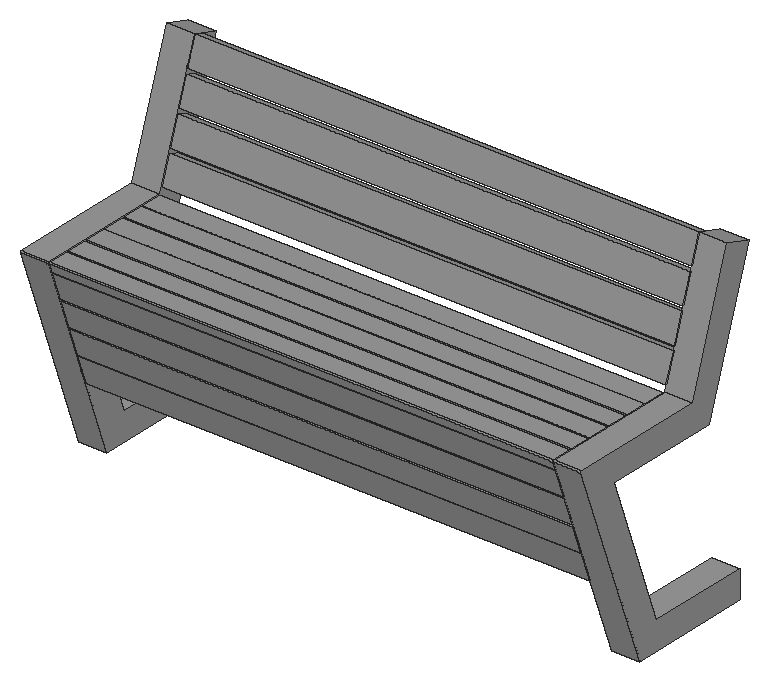
Revit family "Скамейка стальная «Урсула» Арт 19805", category Антураж, Revit 2018
Family settings
  На основе рабочей плоскости = Нет
  Всегда вертикально = Да
  При загрузке вырезать с полостями = Нет
  Источник визуального образа = Геометрия семейства
  Общий = Нет
  Точка расчета площади = Нет
Parameters (values of type "Скамейка стальная «Урсула»")
  Ширина = 650 mm  # constant formula
  Цвет опор = Сталь
  Цвет лавки = Дерево
  Описание = "Скамейка стальная «Урсула»"  # constant formula
  Материал изделия = "Сталь, дерево"  # constant formula
  Изображение типоразмера = Скамейка стальная «Урсула» Арт 19805.jpg
  Изготовитель = "ООО «Хоббика»"  # constant formula
  Длина = 1800 mm  # constant formula
  Группа модели = "Скамейки"  # constant formula
  Высота = 1050 mm  # constant formula
  Артикул товара = "Арт. 19805"  # constant formula
  URL = "https://hobbyka.ru/product/skameyka_ulichnaya_ursula/"
Reference planes
  plane 1 "По центру (Вперед/Назад)": y = 0
  plane 2: z = 0
  plane 3 "По центру (Влево/Вправо)": x = 0
  plane 4: y = 650
  plane 5: z = 850
  plane 6: x = 1800
  plane 7: z = -200
Forms (mm)
  Extrusion 1, solid, material "Сталь" <- "Цвет опор"
    sketch origin (0, 0, 0) x (0, 1, 0) y (0, 0, 1)
      loop
        line (236.581, -200) -> (640, -200) -> (640, -110) -> (303.019, -110) -> (131.953, 360) -> (513.962, 360) -> (672.593, 820.699) -> (587.496, 850) -> (449.765, 450) -> (5, 450)
        arc (5, 450) -> (2.408, 448.926) -> (1.334, 446.334) r 3.666
        line (1.334, 446.334) -> (236.581, -200)
    from 0 to 90
  Extrusion 2, solid, material "Сталь" <- "Цвет опор"
    sketch origin (0, 0, 0) x (0, 1, 0) y (0, 0, 1)
      loop
        line (236.581, -200) -> (640, -200) -> (640, -110) -> (303.019, -110) -> (131.953, 360) -> (513.962, 360) -> (672.593, 820.699) -> (587.496, 850) -> (449.765, 450) -> (5, 450)
        arc (5, 450) -> (2.408, 448.926) -> (1.334, 446.334) r 3.666
        line (1.334, 446.334) -> (236.581, -200)
    from 1710 to 1800
  Extrusion 3, solid, material "Дерево" <- "Цвет лавки"
    sketch origin (0, 0, 0) x (0, 1, 0) y (0, 0, 1)
      loop
        line (587.496, 850) -> (558.195, 764.903) -> (586.561, 755.136) -> (615.862, 840.233) -> (587.496, 850)
      loop
        line (445, 450) -> (375, 450) -> (375, 420) -> (445, 420) -> (445, 450)
      loop
        line (1.334, 446.334) -> (10.919, 420) -> (70, 420) -> (70, 450) -> (5, 450)
        arc (5, 450) -> (2.408, 448.926) -> (1.334, 446.334) r 3.666
      loop
        line (44.664, 415) -> (12.739, 415) -> (45.496, 325) -> (77.422, 325) -> (44.664, 415)
      loop
        line (581.677, 740.954) -> (553.312, 750.721) -> (524.01, 665.624) -> (552.376, 655.857) -> (581.677, 740.954)
      loop
        line (547.492, 641.674) -> (519.127, 651.441) -> (489.826, 566.344) -> (518.191, 556.577) -> (547.492, 641.674)
      loop
        line (513.308, 542.395) -> (484.942, 552.162) -> (455.641, 467.065) -> (484.007, 457.298) -> (513.308, 542.395)
      loop
        line (75, 450) -> (75, 420) -> (145, 420) -> (145, 450) -> (75, 450)
      loop
        line (150, 450) -> (150, 420) -> (220, 420) -> (220, 450) -> (150, 450)
      loop
        line (225, 450) -> (225, 420) -> (295, 420) -> (295, 450) -> (225, 450)
      loop
        line (300, 450) -> (300, 420) -> (370, 420) -> (370, 450) -> (300, 450)
      loop
        line (79.241, 320) -> (47.316, 320) -> (80.073, 230) -> (111.999, 230) -> (79.241, 320)
      loop
        line (113.819, 225) -> (81.893, 225) -> (114.651, 135) -> (146.576, 135) -> (113.819, 225)
      loop
        line (148.396, 130) -> (116.47, 130) -> (149.228, 40) -> (181.153, 40) -> (148.396, 130)
    from 90 to 1710
Dimensions and locks
  "Длина": plane 3 "По центру (Влево/Вправо)" to plane 6
  "Ширина": plane 1 "По центру (Вперед/Назад)" to plane 4
  "Высота": plane 5 to plane 7
  locked: plane 5 to plane 2 at 850
  aligned and locked: level to plane 2
  aligned and locked: Extrusion 3 to Extrusion 2
  aligned and locked: Extrusion 3 to Extrusion 1
Automatic sketch dimensions
  Extrusion 1 sketch curve to plane 7 = 0 mm
  Extrusion 1 sketch curve to plane 5 = 0 mm
  Extrusion 1 sketch curve to plane 1 "По центру (Вперед/Назад)" = 1.334 mm
  Extrusion 1 sketch curve to plane 1 "По центру (Вперед/Назад)" = 131.953 mm
  Extrusion 1 sketch curve to plane 1 "По центру (Вперед/Назад)" = 236.581 mm
  plane 7 to Extrusion 1 sketch curve = 90 mm
  Extrusion 1 sketch curve to Extrusion 1 sketch curve = 66.438 mm
  plane 4 to Extrusion 1 sketch curve = 200.235 mm
  Extrusion 1 sketch curve to Extrusion 1 sketch curve = 64.196 mm
  plane 4 to Extrusion 1 sketch curve = 62.504 mm
  plane 4 to Extrusion 1 sketch curve = 10 mm
  Extrusion 1 sketch curve to plane 4 = 22.593 mm
  Extrusion 2 sketch curve to plane 7 = 0 mm
  Extrusion 2 sketch curve to plane 5 = 0 mm
  Extrusion 2 sketch curve to plane 1 "По центру (Вперед/Назад)" = 1.334 mm
  Extrusion 2 sketch curve to plane 1 "По центру (Вперед/Назад)" = 131.953 mm
  Extrusion 2 sketch curve to plane 1 "По центру (Вперед/Назад)" = 236.581 mm
  plane 7 to Extrusion 2 sketch curve = 90 mm
  Extrusion 2 sketch curve to Extrusion 2 sketch curve = 66.438 mm
  plane 4 to Extrusion 2 sketch curve = 200.235 mm
  Extrusion 2 sketch curve to Extrusion 2 sketch curve = 64.196 mm
  plane 4 to Extrusion 2 sketch curve = 62.504 mm
  plane 4 to Extrusion 2 sketch curve = 10 mm
  Extrusion 2 sketch curve to plane 4 = 22.593 mm
  Extrusion 3 sketch curve to plane 5 = 0 mm
  Extrusion 3 sketch curve to plane 1 "По центру (Вперед/Назад)" = 1.334 mm
  Extrusion 3 sketch curve to plane 1 "По центру (Вперед/Назад)" = 5 mm
  plane 4 to Extrusion 3 sketch curve = 62.504 mm
  Extrusion 3 sketch curve to Extrusion 3 sketch curve = 28.366 mm
  Extrusion 3 sketch curve to Extrusion 3 sketch curve = 9.767 mm
  level to Extrusion 3 sketch curve = 40 mm
  Extrusion 3 sketch curve to Extrusion 3 sketch curve = 1.82 mm  (x7)
  Extrusion 3 sketch curve to plane 1 "По центру (Вперед/Назад)" = 80.073 mm
  Extrusion 3 sketch curve to plane 1 "По центру (Вперед/Назад)" = 45.496 mm
  Extrusion 3 sketch curve to Extrusion 3 sketch curve = 25.336 mm
  Extrusion 3 sketch curve to Extrusion 3 sketch curve = 5 mm  (x9)
  Extrusion 3 sketch curve to Extrusion 3 sketch curve = 70 mm  (x5)
  Extrusion 3 sketch curve to Extrusion 3 sketch curve = 10.641 mm
  Extrusion 3 sketch curve to Extrusion 3 sketch curve = 29.301 mm  (x3)
  Extrusion 3 sketch curve to Extrusion 3 sketch curve = 4.884 mm  (x6)
  Extrusion 3 sketch curve to Extrusion 3 sketch curve = 90 mm  (x3)
  Extrusion 3 sketch curve to Extrusion 3 sketch curve = 0.832 mm  (x2)
  Extrusion 3 sketch curve to Extrusion 3 sketch curve = 31.925 mm  (x3)
  Extrusion 3 sketch curve to Extrusion 3 sketch curve = 37.298 mm
  Extrusion 3 sketch curve to plane 5 = 85.097 mm
  Extrusion 3 sketch curve to plane 5 = 99.279 mm
  Extrusion 3 sketch curve to Extrusion 3 sketch curve = 17.065 mm
  Extrusion 3 sketch curve to Extrusion 3 sketch curve = 14.183 mm  (x3)
  Extrusion 3 sketch curve to Extrusion 3 sketch curve = 30 mm  (x3)
  Extrusion 3 sketch curve to Extrusion 3 sketch curve = 0 mm  (x7)
  Extrusion 3 sketch curve to plane 1 "По центру (Вперед/Назад)" = 12.739 mm
  Extrusion 3 sketch curve to Extrusion 3 sketch curve = 30.105 mm
  level to Extrusion 3 sketch curve = 130 mm
  Extrusion 3 sketch curve to Extrusion 3 sketch curve = 26.334 mm
  Extrusion 1 sketch curve to Extrusion 1 sketch curve = 3.666 mm
  level to Extrusion 1 sketch curve = 360 mm
  Extrusion 2 sketch curve to Extrusion 2 sketch curve = 3.666 mm
  level to Extrusion 2 sketch curve = 360 mm
